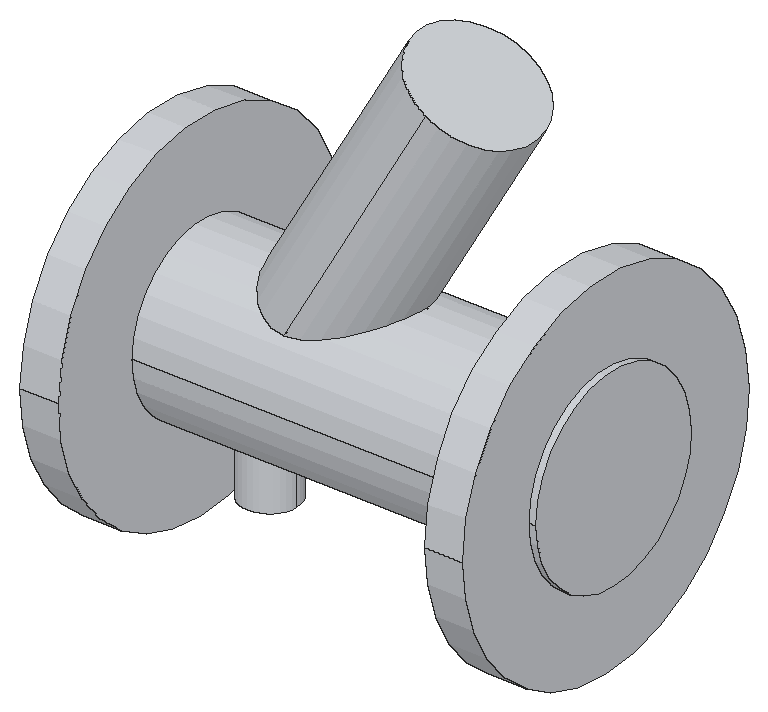
Revit family "HS 821-síto_jemné-PN25-DN032-RFA_2019", category Pipe Accessories, Revit 2019
Family settings
  Round Connector Dimension = Use Diameter
  Part Type = Breaks Into
  Work Plane-Based = No
  Always vertical = Yes
  Cut with Voids When Loaded = No
  Shared = No
Parameters (values of type "821D-DN032-PN25-síto_jemné")
  magiProductId = "6be9a55c4e68400f94eec7e804204c"
  magiProductFamilyId = "79214ac3aaa945e397802f559f5c1e"
  magiPartTypeId = 307
  isMeasuringValve [instance] = no
  ang2D [instance] = 0.00°
  ZB__ve = -ZB  # -23 mm
  ZB1 = 30.78 mm
  ZB = 23 mm
  X2 = 68.849 mm
  X1 = 25.2 mm
  W2D = 15 mm
  VersionID = "2.0/2017.9.26.1/ZETKAMA_821_001"
  Use Minimum Symbol Size [instance] = yes
  URL = "www.hydronic.cz"
  Type Comments = "Filtr přírubový; síto jemné; A-PN16 (-10~300°C); D-PN25 (-10~350°C); F-PN40 (-10~400°C)"
  S = 76 mm
  QmdConnectorList = "301;D;302;D"
  Productdata [instance] = ""
  Manufacturer = "Hydronic Systems Prague s.r.o."
  MC Product Code = "210 232 (821D; DN032; PN25; kvs23,1; oko síta 0,63mm)"
  LM1 = 14.4 mm
  LM = 144 mm
  L4 = 45 mm
  L2D_Min = 3048 mm
  L2D = 130 mm
  L2 = 90 mm
  HH2 = 119.25 mm
  FD = 140 mm
  Description = "Filtr přírubový; síto jemné; 821A-PN16; 821D-PN25; 821F-PN40"
  DM1 = 50.4 mm
  DM = 68.4 mm
  D = 32 mm
  CC = 3.06 mm
  CAT0 = yes
  C1 = 14.94 mm
  C = 18 mm
  BD = 21.546 mm
Types (40, lengths in mm): name | magiProductId | ZB__ve | ZB1 | ZB | X2 | X1 | S | MC Product Code | LM1 | LM | L4 | L2 | HH2 | FD | DM1 | DM | D | CC | C1 | C | BD
  821A-DN015-PN16-síto_jemné | "a71bcfe8b393460598b23e8ddf7dc5" | -16.25 | 18.63 | 16.25 | 46.982 | 18.2 | 46 | "210 115 (821A; DN015; PN16; kvs6,2; oko síta 0,63mm)" | 10.4 | 104 | 32.5 | 65 | 81.375 | 95 | 27.6 | 41.4 | 15 | 2.21 | 10.79 | 13 | 13.041
  821A-DN020-PN16-síto_jemné | "41cd6c7a12924f4991217528336076" | -17.75 | 22.68 | 17.75 | 51.673 | 21 | 56 | "210 120 (821A; DN020; PN16; kvs9,6; oko síta 0,63mm)" | 12 | 120 | 37.5 | 75 | 89.5 | 105 | 33.6 | 50.4 | 20 | 2.55 | 12.45 | 15 | 15.876
  821A-DN025-PN16-síto_jemné | "be378b463ed14c3abf4c9b3ae8cf3a" | -19.25 | 26.325 | 19.25 | 58.601 | 22.4 | 65 | "210 125 (821A; DN025; PN16; kvs14,2; oko síta 0,63mm)" | 12.8 | 128 | 40 | 80 | 101.5 | 115 | 43.2 | 58.5 | 25 | 2.72 | 13.28 | 16 | 18.427
  821A-DN032-PN16-síto_jemné | "227a0d18b21540afabe8b6067d35fa" | -23 | 30.78 | 23 | 68.849 | 25.2 | 76 | "210 132 (821A; DN032; PN16; kvs23,1; oko síta 0,63mm)" | 14.4 | 144 | 45 | 90 | 119.25 | 140 | 50.4 | 68.4 | 32 | 3.06 | 14.94 | 18 | 21.546
  821A-DN040-PN16-síto_jemné | "d106917c74724141a10440112d0102" | -24.5 | 34.02 | 24.5 | 75.777 | 28 | 84 | "210 140 (821A; DN040; PN16; kvs36,6; oko síta 0,63mm)" | 16 | 160 | 50 | 100 | 131.25 | 150 | 60 | 75.6 | 40 | 3.4 | 16.6 | 20 | 23.814
  821A-DN050-PN16-síto_jemné | "8255d456a09e4f6486734f5dd9171b" | -26.75 | 40.095 | 26.75 | 79.061 | 32.2 | 99 | "210 150 (821A; DN050 PN16; kvs53,7; oko síta 0,63mm)" | 18.4 | 184 | 57.5 | 115 | 136.938 | 165 | 73.8 | 89.1 | 50 | 3.91 | 19.09 | 23 | 28.066
  821A-DN065-PN16-síto_jemné | "235b1b3e4c0843779a4d5e3716d40a" | -29.75 | 47.79 | 29.75 | 86.927 | 40.6 | 118 | "210 165 (821A; DN065; PN16; kvs95,1; oko síta 0,63mm)" | 23.2 | 232 | 72.5 | 145 | 150.562 | 185 | 94.2 | 106.2 | 65 | 4.93 | 24.07 | 29 | 33.453
  821A-DN080-PN16-síto_jemné | "a067f7c5236348ed8c820d16df7214" | -32 | 53.46 | 32 | 104.753 | 43.4 | 132 | "210 180 (821A; DN080; PN16; kvs137,1; oko síta 0,63mm)" | 24.8 | 248 | 77.5 | 155 | 181.438 | 200 | 107.4 | 118.8 | 80 | 5.27 | 25.73 | 31 | 37.422
  821A-DN100-PN16-síto_jemné | "c49a648c2747461285837d643703cd" | -35 | 63.18 | 35 | 114.857 | 49 | 156 | "210 190 (821A; DN100; PN16; kvs206,4; oko síta 0,63mm)" | 28 | 280 | 87.5 | 175 | 198.937 | 220 | 131.4 | 140.4 | 100 | 5.95 | 29.05 | 35 | 44.226
  821A-DN125-PN16-síto_jemné | "bf68e728a163493cbd2a663b26ebdc" | -39.5 | 74.52 | 39.5 | 131.888 | 56 | 184 | "210 191 (821A; DN125; PN16; kvs268,8; oko síta 0,63mm)" | 32 | 320 | 100 | 200 | 228.438 | 250 | 165 | 165.6 | 125 | 6.8 | 33.2 | 40 | 52.164
  821A-DN150-PN16-síto_jemné | "2de770284b654863ae6bc865769dc5" | -44.75 | 85.455 | 44.75 | 155.885 | 67.2 | 211 | "210 192 (821A; DN150; PN16; kvs401,4; oko síta 0,63mm)" | 38.4 | 384 | 120 | 240 | 270 | 285 | 192 | 189.9 | 150 | 8.16 | 39.84 | 48 | 59.818
  821A-DN200-PN16-síto_jemné | "8e5693371ab64aabb29a7f08c76e15" | -53 | 107.73 | 53 | 188.361 | 84 | 266 | "210 193 (821A; DN200; PN16; kvs706,7; oko síta 0,63mm)" | 48 | 480 | 150 | 300 | 326.25 | 340 | 252 | 239.4 | 200 | 10.2 | 49.8 | 60 | 75.411
  821A-DN250-PN16-síto_jemné | "05e37ed948c34047acdd4c42556504" | -62.75 | 129.195 | 62.75 | 255.911 | 102.2 | 319 | "210 194 (821A; DN250; PN16; kvs1229,4; oko síta 0,63mm)" | 58.4 | 584 | 182.5 | 365 | 443.25 | 405 | 309.6 | 287.1 | 250 | 12.41 | 60.59 | 73 | 90.436
  821A-DN300-PN16-síto_jemné | "9ad0af747269428da925480d83ce80" | -71 | 149.85 | 71 | 325.914 | 119 | 370 | "210 195 (821A; DN300; PN16; kvs1902,4; oko síta 0,63mm)" | 68 | 680 | 212.5 | 425 | 564.5 | 460 | 369.6 | 333 | 300 | 14.45 | 70.55 | 85 | 104.895
  821A-DN350-PN16-síto_jemné | "eebc71459bb3451bb4355e7951370a" | -80 | 173.745 | 80 | 356.875 | 137.2 | 429 | "200 196 (821A; DN350; PN16; kvs2611,0; oko síta 0,63mm)" | 78.4 | 784 | 245 | 490 | 618.125 | 520 | 438 | 386.1 | 350 | 16.66 | 81.34 | 98 | 121.621
  821A-DN400-PN16-síto_jemné | "d2f677cb196647e385b2590e7d8abe" | -89 | 194.4 | 89 | 392.237 | 154 | 480 | "210 197 (821A; DN400; PN16; kvs3438,4; oko síta 0,63mm)" | 88 | 880 | 275 | 550 | 679.375 | 580 | 498 | 432 | 400 | 18.7 | 91.3 | 110 | 136.08
  821D-DN015-PN25-síto_jemné | "27ddcbf555414f8ca1fde329bf9087" | -16.25 | 18.63 | 16.25 | 46.982 | 18.2 | 46 | "210 215 (821D; DN015; PN25; kvs6,2; oko síta 0,63mm)" | 10.4 | 104 | 32.5 | 65 | 81.375 | 95 | 27.6 | 41.4 | 15 | 2.21 | 10.79 | 13 | 13.041
  821D-DN020-PN25-síto_jemné | "270e0f14012f47189cd0235c18faee" | -17.75 | 22.68 | 17.75 | 51.673 | 21 | 56 | "210 220 (821D; DN020; PN25; kvs9,6; oko síta 0,63mm)" | 12 | 120 | 37.5 | 75 | 89.5 | 105 | 33.6 | 50.4 | 20 | 2.55 | 12.45 | 15 | 15.876
  821D-DN025-PN25-síto_jemné | "b9a7fb4aa36643878c637d8e1ab992" | -19.25 | 26.325 | 19.25 | 58.601 | 22.4 | 65 | "210 225 (821D; DN025; PN25; kvs14,2; oko síta 0,63mm)" | 12.8 | 128 | 40 | 80 | 101.5 | 115 | 43.2 | 58.5 | 25 | 2.72 | 13.28 | 16 | 18.427
  821D-DN032-PN25-síto_jemné | "6be9a55c4e68400f94eec7e804204c" | -23 | 30.78 | 23 | 68.849 | 25.2 | 76 | "210 232 (821D; DN032; PN25; kvs23,1; oko síta 0,63mm)" | 14.4 | 144 | 45 | 90 | 119.25 | 140 | 50.4 | 68.4 | 32 | 3.06 | 14.94 | 18 | 21.546
  821D-DN040-PN25-síto_jemné | "c54511bd7f584ec2984291479612cb" | -24.5 | 34.02 | 24.5 | 75.777 | 28 | 84 | "210 240 (821D; DN040; PN25; kvs36,6; oko síta 0,63mm)" | 16 | 160 | 50 | 100 | 131.25 | 150 | 60 | 75.6 | 40 | 3.4 | 16.6 | 20 | 23.814
  821D-DN050-PN25-síto_jemné | "5483b1f596b04cd39b23a14a22c90e" | -26.75 | 40.095 | 26.75 | 79.061 | 32.2 | 99 | "210 250 (821D; DN050; PN25; kvs53,7; oko síta 0,63mm)" | 18.4 | 184 | 57.5 | 115 | 136.938 | 165 | 73.8 | 89.1 | 50 | 3.91 | 19.09 | 23 | 28.066
  821D-DN065-PN25-síto_jemné | "767b0f8318e94750bc7a9930ed5b30" | -29.75 | 47.79 | 29.75 | 86.927 | 40.6 | 118 | "210 265 (821D; DN065; PN25; kvs95,1; oko síta 0,63mm)" | 23.2 | 232 | 72.5 | 145 | 150.562 | 185 | 94.2 | 106.2 | 65 | 4.93 | 24.07 | 29 | 33.453
  821D-DN080-PN25-síto_jemné | "e21040fa3cc2404b858198f6b73709" | -32 | 53.46 | 32 | 104.753 | 43.4 | 132 | "210 280 (821D; DN080; PN25; kvs137,1; oko síta 0,63mm)" | 24.8 | 248 | 77.5 | 155 | 181.438 | 200 | 107.4 | 118.8 | 80 | 5.27 | 25.73 | 31 | 37.422
  821D-DN100-PN25-síto_jemné | "175ca87a506b40b3bc6b82f12f33cf" | -37.25 | 63.18 | 37.25 | 114.857 | 49 | 156 | "210 290 (821D; DN100; PN25; kvs206,4; oko síta 0,63mm)" | 28 | 280 | 87.5 | 175 | 198.937 | 235 | 131.4 | 140.4 | 100 | 5.95 | 29.05 | 35 | 44.226
  821D-DN125-PN25-síto_jemné | "77cc98d60da24855999a22dff726b2" | -42.5 | 74.52 | 42.5 | 131.888 | 56 | 184 | "210 291 (821D; DN125; PN25; kvs268,8; oko síta 0,63mm)" | 32 | 320 | 100 | 200 | 228.438 | 270 | 165 | 165.6 | 125 | 6.8 | 33.2 | 40 | 52.164
  821D-DN150-PN25-síto_jemné | "9cf8acfcd15547d68e83172d3abcbe" | -47 | 85.455 | 47 | 155.885 | 67.2 | 211 | "210 292 (821D; DN150; PN25; kvs401,4; oko síta 0,63mm)" | 38.4 | 384 | 120 | 240 | 270 | 300 | 192 | 189.9 | 150 | 8.16 | 39.84 | 48 | 59.818
  821D-DN200-PN25-síto_jemné | "16973f3c9ea14389ba8602495a6b64" | -56 | 110.97 | 56 | 188.361 | 84 | 274 | "210 293 (821D; DN200; PN25; kvs706,7; oko síta 0,63mm)" | 48 | 480 | 150 | 300 | 326.25 | 360 | 252 | 246.6 | 200 | 10.2 | 49.8 | 60 | 77.679
  821F-DN015-PN40-síto_jemné | "4c7eaf3c4c0340888b3e684d8a8616" | -16.25 | 18.225 | 16.25 | 46.982 | 18.2 | 45 | "250 615 (821F; DN015; PN40; kvs6,2; oko síta 0,63mm)" | 10.4 | 104 | 32.5 | 65 | 81.375 | 95 | 27.6 | 40.5 | 15 | 2.21 | 10.79 | 13 | 12.757
  821F-DN020-PN40-síto_jemné | "aaac5f1ec96b44d6ba96ac2293d66d" | -17.75 | 23.49 | 17.75 | 51.673 | 21 | 58 | "250 620 (821F; DN020; PN40; kvs9,6; oko síta 0,63mm)" | 12 | 120 | 37.5 | 75 | 89.5 | 105 | 33.6 | 52.2 | 20 | 2.55 | 12.45 | 15 | 16.443
  821F-DN025-PN40-síto_jemné | "504768023968471481789485b54c7e" | -19.25 | 27.54 | 19.25 | 58.601 | 22.4 | 68 | "250 625 (821F; DN025; PN40; kvs14,2; oko síta 0,63mm)" | 12.8 | 128 | 40 | 80 | 101.5 | 115 | 43.2 | 61.2 | 25 | 2.72 | 13.28 | 16 | 19.278
  821F-DN032-PN40-síto_jemné | "165e7f39cf744f329bdf1c400dad12" | -23 | 31.59 | 23 | 68.849 | 25.2 | 78 | "250 632 (821F; DN032; PN40; kvs23,1; oko síta 0,63mm)" | 14.4 | 144 | 45 | 90 | 119.25 | 140 | 50.4 | 70.2 | 32 | 3.06 | 14.94 | 18 | 22.113
  821F-DN040-PN40-síto_jemné | "b8903f952089408fbf3a5a632bab1f" | -24.5 | 35.64 | 24.5 | 75.777 | 28 | 88 | "250 640 (821F; DN040; PN40; kvs36,6; oko síta 0,63mm)" | 16 | 160 | 50 | 100 | 131.25 | 150 | 60 | 79.2 | 40 | 3.4 | 16.6 | 20 | 24.948
  821F-DN050-PN40-síto_jemné | "c451f97266fe48da8f879cb6a2bd44" | -26.75 | 41.31 | 26.75 | 79.061 | 32.2 | 102 | "250 650 (821F; DN050; PN40; kvs53,7; oko síta 0,63mm)" | 18.4 | 184 | 57.5 | 115 | 136.938 | 165 | 73.8 | 91.8 | 50 | 3.91 | 19.09 | 23 | 28.917
  821F-DN065-PN40-síto_jemné | "dc9821e3f9b34e128f6a8c6b34c198" | -29.75 | 49.41 | 29.75 | 86.927 | 40.6 | 122 | "250 665 (821F; DN065; PN40; kvs95,1; oko síta 0,63mm)" | 23.2 | 232 | 72.5 | 145 | 150.562 | 185 | 94.2 | 109.8 | 65 | 4.93 | 24.07 | 29 | 34.587
  821F-DN080-PN40-síto_jemné | "689aa1e260f84cf4994f027a1d86b5" | -32 | 55.89 | 32 | 104.753 | 43.4 | 138 | "250 680 (821F; DN080; PN40; kvs137,1; oko síta 0,63mm)" | 24.8 | 248 | 77.5 | 155 | 181.438 | 200 | 107.4 | 124.2 | 80 | 5.27 | 25.73 | 31 | 39.123
  821F-DN100-PN40-síto_jemné | "8a45d4e8e2ab425f8c432f21d684f3" | -37.25 | 65.61 | 37.25 | 114.857 | 49 | 162 | "250 690 (821F; DN100; PN40; kvs206,4; oko síta 0,63mm)" | 28 | 280 | 87.5 | 175 | 198.937 | 235 | 131.4 | 145.8 | 100 | 5.95 | 29.05 | 35 | 45.927
  821F-DN125-PN40-síto_jemné | "cf073904c006406b8645afa67ea2fc" | -42.5 | 76.14 | 42.5 | 131.888 | 56 | 188 | "250 691 (821F; DN125; PN40; kvs268,8; oko síta 0,63mm)" | 32 | 320 | 100 | 200 | 228.438 | 270 | 165 | 169.2 | 125 | 6.8 | 33.2 | 40 | 53.298
  821F-DN150-PN40-síto_jemné | "0153b9ddabe14992a630484929fdbc" | -47 | 88.29 | 47 | 155.885 | 67.2 | 218 | "250 692 (821F; DN150; PN40; kvs401,4; oko síta 0,63mm)" | 38.4 | 384 | 120 | 240 | 270 | 300 | 192 | 196.2 | 150 | 8.16 | 39.84 | 48 | 61.803
  821F-DN200-PN40-síto_jemné | "7fb3fc01dd8d42428c203e3f8dd4d5" | -56 | 115.425 | 56 | 188.361 | 84 | 285 | "250 693 (821F; DN200; PN40; kvs706,7; oko síta 0,63mm)" | 48 | 480 | 150 | 300 | 326.25 | 360 | 252 | 256.5 | 200 | 10.2 | 49.8 | 60 | 80.797
Reference planes
  plane 1 "Center (Front/Back)": y = 0
  plane 2 "XYPLANE": z = 0
  plane 3 "Center (Left/Right)": x = 0
  plane 4 "109": x = -57.6
  plane 5 "108": x = 72
  plane 6 "107": x = -72
  plane 7 "105": x = 90
  plane 8 "104": x = -90
  plane 9 "103": y = 0
  plane 10 "102": z = 0
  plane 11 "101": x = -86.94
  plane 12 "100": x = 86.94
  plane 13 "11": x = -32.4
  plane 14 "10": z = 119.25
  plane 15 "9": x = 36.449
  plane 16 "5": z = -30.78
  plane 17 "4": x = -45
  plane 18 "1": x = 45
Forms (mm)
  Extrusion 1, solid, visible <- "CAT0"
    sketch origin (-72, -750, 0) x (0, 1, 0) y (0, 0, 1)
      loop
        circle (750, 0) r 34.2
    from 0 to 144 <- "LM"
  Extrusion 2, solid
    sketch origin (-90, -750, 0) x (0, 1, 0) y (0, 0, 1)
      loop
        circle (750, 0) r 38
    from 0 to 3.06 <- "CC"
  Extrusion 3, solid
    sketch origin (-86.94, -750, 0) x (0, 1, 0) y (0, 0, 1)
      loop
        circle (750, 0) r 70
    from 0 to 14.94 <- "C1"
  Extrusion 4, solid
    sketch origin (72, -750, 0) x (0, 1, 0) y (0, 0, 1)
      loop
        circle (750, 0) r 70
    from 0 to 14.94 <- "C1"
  Extrusion 5, solid
    sketch origin (86.94, -750, 0) x (0, 1, 0) y (0, 0, 1)
      loop
        circle (750, 0) r 38
    from 0 to 3.06 <- "CC"
  Sweep 6, solid, visible <- "CAT0"
    path origin (750, 0, 0) x (-1, 0, 0) y (0, 0, 1)
      loop
        line (822, 0) -> (782.4, 0) -> (713.551, 119.25)
    profile origin (-72, 0, 0) x (0, 0, -1) y (0, 1, 0)
      loop
        circle (0, 0) r 25.2
  Extrusion 7, solid, visible <- "CAT0"
    sketch origin (-750, 0, -30.78) x (1, 0, 0) y (0, 1, 0)
      loop
        circle (705, 0) r 10.773
    from 0 to -23 <- "ZB__ve"
  Extrusion 8, solid, visible <- "CAT0"
    sketch origin (-750, 0, -30.78) x (1, 0, 0) y (0, 1, 0)
      loop
        circle (795, 0) r 10.773
    from 0 to -23 <- "ZB__ve"
  Extrusion 9, solid, not visible
    sketch origin (90, -750, 0) x (0, 1, 0) y (0, 0, 1)
      loop
        circle (750, 0) r 10
    from 0 to -10
  Extrusion 10, solid, not visible
    sketch origin (-90, -750, 0) x (0, 1, 0) y (0, 0, 1)
      loop
        circle (750, 0) r 10
    from 0 to 10
Lines and regions (mm)
  reference lines, not visible
    curve 1: circle (2, 2, 0) r 1 normal (0, 0, 1)
Dimensions and locks
  plane 1 "Center (Front/Back)" to curve 1 = 2 mm
  "LM1": plane 6 "107" to plane 4 "109"
  "LM": plane 6 "107" to plane 5 "108"
  "C": plane 8 "104" to plane 6 "107"
  "L2": plane 3 "Center (Left/Right)" to plane 7 "105"
  "L2": plane 3 "Center (Left/Right)" to plane 8 "104"
  locked: plane 1 "Center (Front/Back)" to plane 9 "103"
  locked: plane 2 "XYPLANE" to plane 10 "102"
  "CC": plane 8 "104" to plane 11 "101"
  "C1": plane 5 "108" to plane 12 "100"
  "X1": plane 4 "109" to plane 13 "11"
  "HH2": plane 2 "XYPLANE" to plane 14 "10"
  "X2": plane 13 "11" to plane 15 "9"
  "ZB1": plane 2 "XYPLANE" to plane 16 "5"
  "L4": plane 8 "104" to plane 17 "4"
  "L2": plane 17 "4" to plane 18 "1"
  Sweep 6 sketch curve to Sweep 6 sketch curve = 0 mm  (x2)
  "DM": diameter of Extrusion 1 sketch curve
  "S": diameter of Extrusion 2 sketch curve
  "FD": diameter of Extrusion 3 sketch curve
  "FD": diameter of Extrusion 4 sketch curve
  "S": diameter of Extrusion 5 sketch curve
  "DM1": diameter of Sweep 6 sketch curve
  "BD": diameter of Extrusion 7 sketch curve
  "BD": diameter of Extrusion 8 sketch curve
  aligned and locked: level to plane 2 "XYPLANE"
  aligned and locked: Extrusion 1 sketch curve to plane 9 "103"
  aligned and locked: plane 10 "102" to Extrusion 1 sketch curve
  aligned and locked: Extrusion 2 sketch curve to plane 9 "103"
  aligned and locked: plane 10 "102" to Extrusion 2 sketch curve
  aligned and locked: Extrusion 3 sketch curve to plane 9 "103"
  aligned and locked: plane 10 "102" to Extrusion 3 sketch curve
  aligned and locked: Extrusion 4 sketch curve to plane 9 "103"
  aligned and locked: plane 10 "102" to Extrusion 4 sketch curve
  aligned and locked: Extrusion 5 sketch curve to plane 9 "103"
  aligned and locked: plane 10 "102" to Extrusion 5 sketch curve
  aligned and locked: Sweep 6 sketch curve to plane 9 "103"
  aligned and locked: plane 10 "102" to Sweep 6 sketch curve  (x3)
  aligned and locked: plane 6 "107" to Sweep 6 sketch curve
  aligned and locked: plane 13 "11" to Sweep 6 sketch curve
  aligned and locked: plane 14 "10" to Sweep 6 sketch curve
  aligned and locked: plane 15 "9" to Sweep 6 sketch curve
  aligned and locked: plane 9 "103" to Extrusion 7 sketch curve
  aligned and locked: plane 17 "4" to Extrusion 7 sketch curve
  aligned and locked: plane 9 "103" to Extrusion 8 sketch curve
  aligned and locked: plane 18 "1" to Extrusion 8 sketch curve
  aligned and locked: Extrusion 9 sketch curve to plane 9 "103"
  aligned and locked: plane 10 "102" to Extrusion 9 sketch curve
  aligned and locked: Extrusion 10 sketch curve to plane 9 "103"
  aligned and locked: plane 10 "102" to Extrusion 10 sketch curve
Automatic sketch dimensions
  plane 1 "Center (Front/Back)" to Extrusion 9 sketch curve = 10 mm
  plane 1 "Center (Front/Back)" to Extrusion 10 sketch curve = 10 mm
  plane 3 "Center (Left/Right)" to curve 1 = 2 mm
  radius of curve 1 = 1 mm
Connectors
  piping at (-90, 0, 0), diameter 32, driven by "D"
    settings: on Extrusion 10, index 1, connector inside diameter 609.6 mm, connector length 0 mm, flow factor 0, pipe flow 0.0 L/s, pressure drop 0.0 Pa, fitting loss kfactor 0, connector angle 0.00°, fixture units 0, engagement length 0 mm, angle of deflection 0.00°, flow configuration 0, flow direction 0, fitting loss method 0, system type 29, joint type 0, gender type 0, connector reference index 2, connector utility 0, adjustable connector no, is connector primary yes, connector description ""
  piping at (90, 0, 0), diameter 32, driven by "D"
    settings: on Extrusion 9, index 2, connector inside diameter 609.6 mm, connector length 0 mm, flow factor 0, pipe flow 0.0 L/s, pressure drop 0.0 Pa, fitting loss kfactor 0, connector angle 0.00°, fixture units 0, engagement length 0 mm, angle of deflection 0.00°, flow configuration 0, flow direction 0, fitting loss method 0, system type 29, joint type 0, gender type 0, connector reference index 1, connector utility 0, adjustable connector no, is connector primary no, connector description ""
